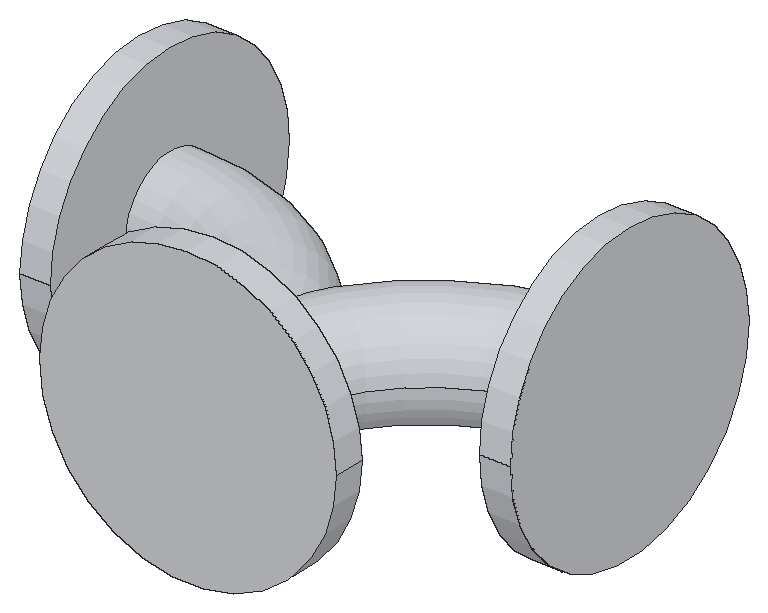
Revit family "4165c08ef4ba458f96aaac4f7e51f404", category Pipe Fittings, Revit 2021
Family settings
  Round Connector Dimension = Use Radius
  Part Type = Tee
  OmniClass Number = 23.60.30.11.14
  OmniClass Title = Pipework Fittings
  Seek Item ID = Elbow Double-Branch - Flanged - GI - Class 125-0000-USA-ENU
  Work Plane-Based = No
  Always vertical = Yes
  Cut with Voids When Loaded = No
  Shared = No
Parameters (values of type "Standard")
  Wall Thickness [instance] = size_lookup(Lookup Table Name, "WThk", 0.04 * Nominal Diameter + 5/16", Nominal Diameter)  # 0.31102"
  Tick Size [instance] = Flange Diameter * 0.4  # 1.70079"
  Loss Method = Not Defined
  Lookup Table Name = "Elbow Double-Branch - Flanged - GI - Class 125"
  Length 1 [instance] = if((Center to Face - Flange Thickness) - Flange Diameter / 2 > 3/256", (Center to Face - Flange Thickness), Flange Diameter / 2 + 3/256")  # 3.06693"
  Fitting Outside Radius [instance] = Fitting Outside Diameter / 2  # 0.80315"
  Fitting Outside Diameter [instance] = Fitting Inside Diameter + Wall Thickness * 2  # 1.6063"
  Default Elevation = 0' - 0"
  Center to Face [instance] = size_lookup(Lookup Table Name, "CtF", 0.68 * Nominal Diameter + 3 49/64", Nominal Diameter)  # 3.50394"
  Nominal Radius [instance] = 1/2"
  Nominal Diameter [instance] = Nominal Radius * 2  # 1"
  Flange Thickness [instance] = size_lookup(Lookup Table Name, "FThk", 0.05 * Nominal Diameter + 161/256", Nominal Diameter)  # 0.43701"
  Flange Radius [instance] = Flange Diameter / 2  # 2.12598"
  Flange Diameter [instance] = size_lookup(Lookup Table Name, "FDia", 1.19 * Nominal Diameter + 3 31/32", Nominal Diameter)  # 4.25197"
  Fitting Inside Diameter [instance] = size_lookup(Lookup Table Name, "FID", 1.02 * Nominal Diameter - 11/256", Nominal Diameter)  # 0.98425"
Reference planes (in)
  plane 1 "Center (Front/Back)": y = 0
  plane 2: z = 0
  plane 3 "Center (Left/Right)": x = 0
  plane 4: x = 3.06693
  plane 5: x = -3.06693
  plane 6: y = -3.06693
  plane 7: x = -3.50394
  plane 8: x = 3.50394
  plane 9: y = -3.50394
  plane 10: y = 1.70079
  plane 11: y = -1.70079
  plane 12: x = -1.70079
  plane 13: x = 1.70079
Forms (in)
  Sweep 1, solid, detail levels fine
    path in 3D
      loop
        arc (-3.06693, 0, 0) -> (-0.89828, -0.89828, 0) -> (0, -3.06693, 0) r 3.06693
    profile origin (-0.89828, -0.89828, 0) x (0.707107, 0.707107, 0) y (0, 0, 1)
      loop
        circle (0, 0) r 0.80315
  Sweep 2, solid, detail levels fine
    path in 3D
      loop
        arc (3.06693, 0, 0) -> (0.89828, -0.89828, 0) -> (0, -3.06693, 0) r 3.06693
    profile origin (0.89828, -0.89828, 0) x (0.707107, -0.707107, 0) y (0, 0, 1)
      loop
        circle (0, 0) r 0.80315
  Sweep 3, solid, detail levels fine
    path in 3D
      loop
        line (-3.50394, 0, 0) -> (-3.06693, 0, 0)
    profile origin (-3.28543, 0, 0) x (0, 1, 0) y (0, 0, 1)
      loop
        circle (0, 0) r 2.12598
  Sweep 4, solid, detail levels fine
    path in 3D
      loop
        line (3.06693, 0, 0) -> (3.50394, 0, 0)
    profile origin (3.28543, 0, 0) x (0, 1, 0) y (0, 0, 1)
      loop
        circle (0, 0) r 2.12598
  Sweep 5, solid, detail levels fine
    path in 3D
      loop
        line (0, -3.06693, 0) -> (0, -3.50394, 0)
    profile origin (0, -3.28543, 0) x (1, 0, 0) y (0, 0, 1)
      loop
        circle (0, 0) r 2.12598
Cuts and joins
  joined: Sweep 1, Sweep 3, Sweep 5
  joined: Sweep 2, Sweep 4
Lines and regions (in)
  model lines, detail levels coarse+medium
    curve 1: arc (3.06693, 0, 0) -> (0.89828, -0.89828, 0) -> (0, -3.06693, 0) r 3.06693
    curve 2: arc (-3.06693, 0, 0) -> (-0.89828, -0.89828, 0) -> (0, -3.06693, 0) r 3.06693
    curve 3: line (-3.50394, 0, 0) -> (-3.06693, 0, 0)
    curve 4: line (3.06693, 0, 0) -> (3.50394, 0, 0)
    curve 5: line (0, -3.06693, 0) -> (0, -3.50394, 0)
    curve 14: line (-3.50394, 1.70079, 0) -> (-3.50394, -1.70079, 0)
    curve 15: line (3.50394, 1.70079, 0) -> (3.50394, -1.70079, 0)
    curve 16: line (-1.70079, -3.50394, 0) -> (1.70079, -3.50394, 0)
  sketch lines
    curve 6: arc (-3.06693, 0, 0) -> (-0.89828, -0.89828, 0) -> (0, -3.06693, 0) r 3.06693
    curve 7: arc (3.06693, 0, 0) -> (0.89828, -0.89828, 0) -> (0, -3.06693, 0) r 3.06693
    curve 8: line (-3.50394, 0, 0) -> (-3.06693, 0, 0)
    curve 9: line (3.06693, 0, 0) -> (3.50394, 0, 0)
    curve 10: line (0, -3.06693, 0) -> (0, -3.50394, 0)
  reference lines
    curve 11: line (-3.50394, 0, 0) -> (-3.06693, 0, 0)
    curve 12: line (3.06693, 0, 0) -> (3.50394, 0, 0)
    curve 13: line (0, -3.06693, 0) -> (0, -3.50394, 0)
Dimensions and locks (in)
  "Length 1": plane 3 "Center (Left/Right)" to plane 4
  "Length 1": plane 5 to plane 3 "Center (Left/Right)"
  "Length 1": plane 1 "Center (Front/Back)" to plane 6
  "Flange Thickness": plane 7 to plane 5
  "Flange Thickness": plane 4 to plane 8
  "Flange Thickness": plane 6 to plane 9
  "Tick Size": plane 10 to plane 1 "Center (Front/Back)"
  "Tick Size": plane 1 "Center (Front/Back)" to plane 11
  "Tick Size": plane 12 to plane 3 "Center (Left/Right)"
  "Tick Size": plane 3 "Center (Left/Right)" to plane 13
  "Length 1": radius of curve 1
  "Length 1": radius of curve 2
  "Fitting Outside Radius": radius of Sweep 1 sketch curve
  "Fitting Outside Radius": radius of Sweep 2 sketch curve
  "Flange Radius": radius of Sweep 3 sketch curve
  "Flange Radius": radius of Sweep 4 sketch curve
  "Flange Radius": radius of Sweep 5 sketch curve
  locked: curve 1 to curve 1 (angle 90.00°)
  locked: curve 2 to curve 2 (angle 90.00°)
  aligned and locked: plane 6 to curve 1
  aligned and locked: plane 7 to curve 3
  aligned and locked: plane 1 "Center (Front/Back)" to curve 3
  aligned and locked: plane 8 to curve 4
  aligned and locked: plane 1 "Center (Front/Back)" to curve 4
  aligned and locked: plane 9 to curve 5
  aligned and locked: curve 5 to plane 3 "Center (Left/Right)"
  aligned and locked: plane 7 to curve 11
  aligned and locked: plane 1 "Center (Front/Back)" to curve 11
  aligned and locked: plane 8 to curve 12
  aligned and locked: plane 1 "Center (Front/Back)" to curve 12
  aligned and locked: plane 9 to curve 13
  aligned and locked: curve 13 to plane 3 "Center (Left/Right)"
  aligned and locked: plane 10 to curve 14
  aligned and locked: plane 11 to curve 14
  aligned and locked: curve 14 to plane 7
  aligned and locked: plane 10 to curve 15
  aligned and locked: plane 11 to curve 15
  aligned and locked: plane 8 to curve 15
  aligned and locked: plane 13 to curve 16
  aligned and locked: plane 12 to curve 16
  aligned and locked: curve 16 to plane 9
Automatic sketch dimensions
  Sweep 1 sketch curve to profile plane = 0' - 0"  (x2)
  Sweep 2 sketch curve to profile plane = 0' - 0"  (x2)
  Sweep 3 sketch curve to profile plane = 0' - 0"  (x2)
  Sweep 4 sketch curve to profile plane = 0' - 0"  (x2)
  Sweep 5 sketch curve to profile plane = 0' - 0"  (x2)
  curve 11 to plane 5 = 0' - 0"
  curve 12 to plane 4 = 0' - 0"
  curve 13 to plane 6 = 0' - 0"
Connectors (in)
  piping at (-3.50394, 0, 0), diameter 1, driven by "Nominal Radius"
    settings: on Sweep 3, index 1, connector inside diameter 1", connector length 0' - 0", flow factor 0, pipe flow 0 GPM, pressure drop 0.00 psi, fitting loss kfactor 0, connector angle 0.00°, fixture units 0, engagement length 0' - 0", angle of deflection 0.00°, flow configuration 0, flow direction 0, fitting loss method 0, system type 28, joint type 0, gender type 0, connector reference index -1, connector utility 0, adjustable connector no, is connector primary yes, connector description ""
  piping at (3.50394, 0, 0), diameter 1, driven by "Nominal Radius"
    settings: on Sweep 4, index 2, connector inside diameter 1", connector length 0' - 0", flow factor 0, pipe flow 0 GPM, pressure drop 0.00 psi, fitting loss kfactor 0, connector angle 0.00°, fixture units 0, engagement length 0' - 0", angle of deflection 0.00°, flow configuration 0, flow direction 0, fitting loss method 0, system type 28, joint type 0, gender type 0, connector reference index -1, connector utility 0, adjustable connector no, is connector primary no, connector description ""
  piping at (0, -3.50394, 0), diameter 1, driven by "Nominal Radius"
    settings: on Sweep 5, index 3, connector inside diameter 1", connector length 0' - 0", flow factor 0, pipe flow 0 GPM, pressure drop 0.00 psi, fitting loss kfactor 0, connector angle 0.00°, fixture units 0, engagement length 0' - 0", angle of deflection 0.00°, flow configuration 0, flow direction 0, fitting loss method 0, system type 28, joint type 0, gender type 0, connector reference index -1, connector utility 0, adjustable connector no, is connector primary no, connector description ""
